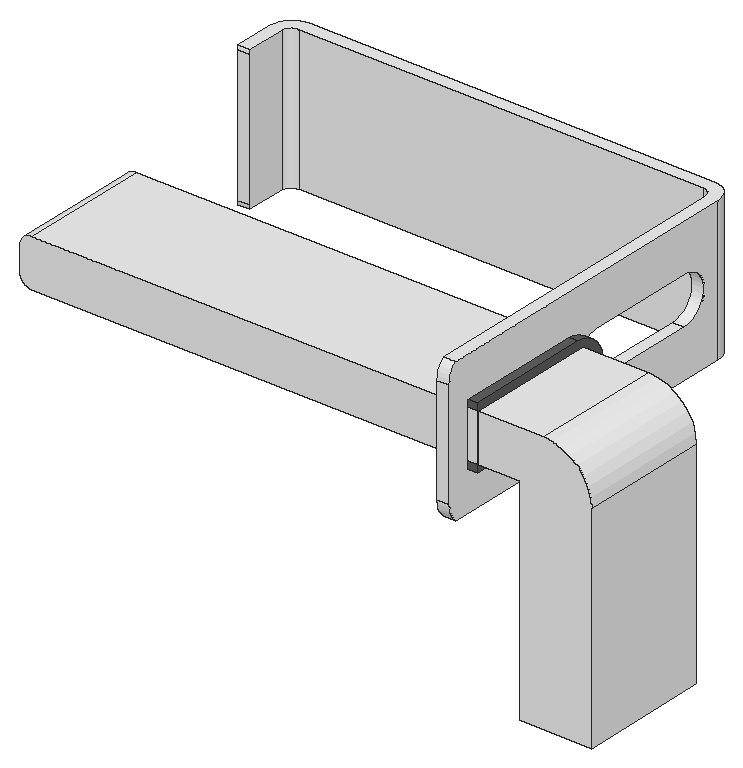
Revit family "Tissue_Holder-DXV-Rem_Hooded-D35100235_Series", category Specialty Equipment, host Face, Revit 2019
Family settings
  Host = Face
  Round Connector Dimension = Use Diameter
  Part Type = Normal
  OmniClass Number = 23.40.20.21.21
  OmniClass Title = Toilet Paper Dispensers
  Cut with Voids When Loaded = No
  Shared = Yes
  Room Calculation Point = No
Parameters (values of type "D35100235.100")
  Width = 6"  # constant formula
  Warranty Information = "Lifetime Limited Warranty"
  URL = "http://www.dxv.com/"
  Type Comments = ""
  Revised Date = "11/10/2021"  # constant formula
  Product Page URL = "http://www.dxv.com/product/rem-tissue-holder-by-dxv"
  Product Documentation Link = "https://dxv01.blob.core.windows.net/dxv-product-pdf-files/spec_D35100235_DXV_Rem_tissue_holder_EN.pdf"
  Price = "Prices may vary. Please consult Manufacturer Representative for most up-to-date price list."  # constant formula
  Model = "D35100235.100"
  Material = "Metal-DXV-100-Polished Chrome"
  Installation Instruction Link = "https://dxv01.blob.core.windows.net/dxv-product-pdf-files/M965487_DXV_Rem_accessories_D35100_WEB_EN.pdf"
  Finish = Metal-DXV-100-Polished Chrome
  Manufacturer = "DVX"
  Length = 3 1/4"  # constant formula
  Installation Type = "Wall Mounted"
  Height = 3 3/4"  # constant formula
  Description = "REM Toilet Paper Holder"
  Default Elevation = 18"
  Creation Date = "10/02/2014"  # constant formula
  Assembly Code = "C1030220"
Types (3): name | Model | Material | Finish
  (no name) | "D35100235.100" | "Metal-DXV-100-Polished Chrome" | Metal-DXV-100-Polished Chrome
  D35100235.144 | "D35100235.144" | "Metal-DXV-144-Brushed Nickel" | Metal-DXV-144-Brushed Nickel
  D35100235.100 | "D35100235.100" | "Metal-DXV-100-Polished Chrome" | Metal-DXV-100-Polished Chrome
Reference planes (in)
  plane 1 "Center (Front/Back)": y = 0
  plane 2: z = 0
  plane 3 "Center (Left/Right)": x = 0
  plane 4 "Finished Floor": y = -18
  plane 5: x = 0.75
  plane 6: x = -0.61586
  plane 7: z = 2.25
  plane 8: z = 2.5
  plane 9: z = 3.25
  plane 10: z = 1.75
  plane 11: y = 2.82422
  plane 12: y = -0.92578
  plane 13: y = -0.6875
  plane 14: y = 0.6875
  plane 15: x = -5.25
Forms (in)
  Extrusion 1, solid, material "Metal-DXV-100-Polished Chrome" <- "Finish"
    sketch origin (0, 0, -0.09198) x (1, 0, 0) y (0, 1, 0)
      loop
        line (-5.125, 2.16695) -> (-5.125, 2.58836)
        arc (-5.125, 2.58836) -> (-5.09596, 2.65846) -> (-5.02586, 2.6875) r 0.09914
        line (-5.02586, 2.6875) -> (-0.77751, 2.6875)
        arc (-0.77751, 2.6875) -> (-0.7074, 2.65846) -> (-0.67836, 2.58836) r 0.09914
        line (-0.67836, 2.58836) -> (-0.67836, -0.9268) -> (-0.55336, -0.9268) -> (-0.55336, 2.60007)
        arc (-0.55336, 2.60007) -> (-0.61901, 2.75857) -> (-0.77751, 2.82422) r 0.22414
        line (-0.77751, 2.82422) -> (-5.02586, 2.82422)
        arc (-5.02586, 2.82422) -> (-5.18435, 2.75857) -> (-5.25, 2.60007) r 0.22414
        line (-5.25, 2.60007) -> (-5.25, 2.16695) -> (-5.125, 2.16695)
    from 1.84198 to 3.34198
  Extrusion 2, void
    sketch origin (0, 0, 0) x (0, 0, -1) y (0, 1, 0)
      loop
        line (-2.75, 2.16695) -> (-2.75, 1.01571)
        arc (-2.75, 1.01571) -> (-2.5, 0.76571) -> (-2.25, 1.01571) r 0.25
        line (-2.25, 1.01571) -> (-2.25, 2.16695)
        arc (-2.25, 2.16695) -> (-2.5, 2.41695) -> (-2.75, 2.16695) r 0.25
    from -0.67836 to -0.55336
  Extrusion 3, solid, material "Metal-DXV-100-Polished Chrome" <- "Finish"
    sketch origin (0, 0, 0) x (0, 0, -1) y (0, 1, 0)
      loop
        line (-2.25, 0.6875) -> (-2.75, 0.6875) -> (-2.75, -0.6875) -> (-2.25, -0.6875) -> (-2.25, 0.6875)
    from -5.25 to 0.75
  Extrusion 4, solid, material "Rubber-DXV-Black"
    sketch origin (0.46875, 0, 0) x (0, 0, -1) y (0, 1, 0)
      loop
        arc (-2.17188, 0.63331) -> (-2.5, 0.96144) -> (-2.82813, 0.63331) r 0.32812
        line (-2.82813, 0.63331) -> (-2.82813, -0.6875) -> (-2.17188, -0.6875) -> (-2.17188, 0.63331)
    from -1.25295 to -0.91627
  Extrusion 5, solid, material "Metal-DXV-100-Polished Chrome" <- "Finish"
    sketch origin (0, 0, 0) x (1, 0, 0) y (0, 0, -1)
      loop
        line (0.75, -2.25) -> (0.75, 0) -> (0, 0) -> (0, -2.25) -> (0.75, -2.25)
    from -0.6875 to 0.6875
  Extrusion 6, void
    sketch origin (0, 0, 0) x (1, 0, 0) y (0, 0, -1)
      loop
        arc (0.75, -2.25) -> (0.60355, -2.60355) -> (0.25, -2.75) r 0.5
        line (0.25, -2.75) -> (0.75, -2.75) -> (0.75, -2.25)
    from -0.6875 to 0.76571
  Extrusion 7, void
    sketch origin (0, 0.25, 0) x (0, 0, -1) y (0, 1, 0)
      loop
        line (-1.6875, -1.1768) -> (-1.6875, -0.9268)
        arc (-1.6875, -0.9268) -> (-1.76072, -1.10358) -> (-1.9375, -1.1768) r 0.25
        line (-1.9375, -1.1768) -> (-1.6875, -1.1768)
      loop
        line (-3.3125, -1.1768) -> (-3.0625, -1.1768)
        arc (-3.0625, -1.1768) -> (-3.23928, -1.10358) -> (-3.3125, -0.9268) r 0.25
        line (-3.3125, -0.9268) -> (-3.3125, -1.1768)
    from -0.67836 to -0.55336
  Extrusion 8, void
    sketch origin (0, 0, 0) x (0, 0, -1) y (0, 1, 0)
      loop
        line (-1.6875, 2.16695) -> (-1.6875, 2.27179)
        arc (-1.6875, 2.27179) -> (-1.71821, 2.19766) -> (-1.79234, 2.16695) r 0.10484
        line (-1.79234, 2.16695) -> (-1.6875, 2.16695)
      loop
        line (-3.3125, 2.16695) -> (-3.20766, 2.16695)
        arc (-3.20766, 2.16695) -> (-3.28179, 2.19766) -> (-3.3125, 2.27179) r 0.10484
        line (-3.3125, 2.27179) -> (-3.3125, 2.16695)
    from -5.375 to -5.08271
  Extrusion 9, void
    sketch origin (0, 0, 0) x (1, 0, 0) y (0, 0, -1)
      loop
        line (-5.25, -2.25) -> (-5.25, -2.375)
        arc (-5.25, -2.375) -> (-5.21339, -2.28661) -> (-5.125, -2.25) r 0.125
        line (-5.125, -2.25) -> (-5.25, -2.25)
      loop
        line (-5.25, -2.75) -> (-5.125, -2.75)
        arc (-5.125, -2.75) -> (-5.21339, -2.71339) -> (-5.25, -2.625) r 0.125
        line (-5.25, -2.625) -> (-5.25, -2.75)
    from -0.6875 to 0.76571
Cuts and joins
  Extrusion 2, Extrusion 6, Extrusion 9 cuts Extrusion 3
  Extrusion 2 cuts Extrusion 5
  joined: Extrusion 3, Extrusion 5
  Extrusion 2 cuts Extrusion 4
  Extrusion 2, Extrusion 7, Extrusion 8 cuts Extrusion 1
Lines and regions (in)
  Masking region 1
    outline origin (0, 0, 0) x (1, 0, 0) y (0, 0, 1)
      loop
        line (0, 0) -> (0.75, 0) -> (0.75, 2.25)
        arc (0.75, 2.25) -> (0.60355, 2.60355) -> (0.25, 2.75) r 0.5
        line (0.25, 2.75) -> (-0.44752, 2.75) -> (-0.44752, 2.82812) -> (-0.55336, 2.82812) -> (-0.55336, 3.25) -> (-5.25, 3.25) -> (-5.25, 1.75) -> (-0.55336, 1.75) -> (-0.55336, 2.17187) -> (-0.44752, 2.17187) -> (-0.44752, 2.25) -> (0, 2.25) -> (0, 0)
  symbolic lines, style "SpecialityEquipment", detail levels medium+fine
    curve 1: line (-0.55336, 0, 2.17187) -> (-0.55336, 0, 2.82812)
    curve 2: line (-0.44752, 0, 2.25) -> (-0.44752, 0, 2.75)
  symbolic lines, style "SpecialityEquipment"
    curve 3: line (0, 0.6875, 0) -> (0, -0.68741, 0)
Dimensions and locks (in)
  "Default Elevation": plane 4 "Finished Floor" to plane 1 "Center (Front/Back)"
  locked: plane 13 to plane 14 at 1.375
  "Length": level to plane 9
  "Height": plane 11 to plane 12
  "Width": plane 15 to plane 5
  "Height": plane 12 to plane 11
  aligned and locked: plane 2 to host face
  aligned and locked: level to host face
  aligned and locked: plane 11 to Extrusion 1 sketch curve
  aligned and locked: Masking region 1 sketch curve to plane 15
Automatic sketch dimensions
  host sketch curve to host sketch curve = 96"  (x2)
  Extrusion 5 sketch curve to plane 3 "Center (Left/Right)" = 0"
  Extrusion 5 sketch curve to plane 5 = 0"
  Extrusion 5 sketch curve to plane 7 = 0"
  Extrusion 1 sketch curve to Extrusion 1 sketch curve = 3/256"  (x2)
  Extrusion 1 sketch curve to Extrusion 1 sketch curve = 0"  (x2)
  Extrusion 1 sketch curve to Extrusion 1 sketch curve = 1/8"
  Extrusion 1 sketch curve to Extrusion 1 sketch curve = 0.09914"
  plane 6 to Extrusion 1 sketch curve = 0.16164"
  plane 6 to Extrusion 1 sketch curve = 1/16"
  Extrusion 1 sketch curve to Extrusion 1 sketch curve = 0.42141"
  plane 8 to Extrusion 2 sketch curve = 0"
  plane 7 to Extrusion 2 sketch curve = 0"
  Extrusion 2 sketch curve to plane 1 "Center (Front/Back)" = 1.01571"
  Extrusion 2 sketch curve to Extrusion 2 sketch curve = 1.15123"
  Extrusion 2 sketch curve to Extrusion 2 sketch curve = 0"  (x2)
  plane 7 to Extrusion 3 sketch curve = 0"
  Extrusion 3 sketch curve to plane 8 = 1/4"
  plane 1 "Center (Front/Back)" to Extrusion 3 sketch curve = 11/16"
  Extrusion 3 sketch curve to plane 1 "Center (Front/Back)" = 11/16"
  plane 8 to Extrusion 4 sketch curve = 0"
  Extrusion 4 sketch curve to plane 8 = 21/64"
  plane 1 "Center (Front/Back)" to Extrusion 4 sketch curve = 11/16"
  Extrusion 4 sketch curve to plane 1 "Center (Front/Back)" = 0.63331"
  Extrusion 6 sketch curve to plane 7 = 0"
  Extrusion 6 sketch curve to plane 5 = 0"
  plane 3 "Center (Left/Right)" to Extrusion 6 sketch curve = 1/4"
  Extrusion 7 sketch curve to plane 9 = 1/16"
  plane 9 to Extrusion 7 sketch curve = 3/16"
  Extrusion 7 sketch curve to plane 10 = 3/16"
  plane 10 to Extrusion 7 sketch curve = 1/16"
  plane 1 "Center (Front/Back)" to Extrusion 7 sketch curve = 0.9268"
  Extrusion 7 sketch curve to Extrusion 7 sketch curve = 0"
  Extrusion 8 sketch curve to plane 9 = 1/16"
  plane 9 to Extrusion 8 sketch curve = 0.04234"
  Extrusion 8 sketch curve to plane 10 = 0.04234"
  plane 10 to Extrusion 8 sketch curve = 1/16"
  Extrusion 8 sketch curve to plane 1 "Center (Front/Back)" = 2.16695"
  Extrusion 8 sketch curve to Extrusion 8 sketch curve = 0"
  Extrusion 9 sketch curve to plane 7 = 0"
  Extrusion 9 sketch curve to Extrusion 9 sketch curve = 1/8"  (x2)
  Extrusion 9 sketch curve to plane 8 = 1/8"
  plane 1 "Center (Front/Back)" to Extrusion 1 sketch curve = 0.9268"
  Extrusion 5 sketch curve to level = 0"
  curve 2 to plane 7 = 0"
  plane 7 to curve 1 = 5/64"
  Masking region 1 sketch curve to plane 10 = 0"
  Masking region 1 sketch curve to plane 9 = 0"
  Masking region 1 sketch curve to plane 7 = 0"  (x2)
  Masking region 1 sketch curve to level = 0"
  Masking region 1 sketch curve to plane 3 "Center (Left/Right)" = 0"
  Masking region 1 sketch curve to plane 5 = 0"
  Masking region 1 sketch curve to plane 6 = 1/16"  (x2)
  Masking region 1 sketch curve to Masking region 1 sketch curve = 0.10584"  (x2)
  plane 3 "Center (Left/Right)" to Masking region 1 sketch curve = 1/4"
  plane 7 to Masking region 1 sketch curve = 5/64"
  Masking region 1 sketch curve to Masking region 1 sketch curve = 5/64"
  curve 1 to plane 6 = 1/16"
  curve 1 to curve 2 = 0.10584"
  curve 2 to plane 8 = 1/4"
  curve 2 to curve 1 = 5/64"
  curve 3 to level = 0"
  curve 3 to plane 14 = 0"
  curve 3 to plane 13 = 0.00009"
  Extrusion 1 sketch curve to Extrusion 1 sketch curve = 4.24835"
  plane 6 to Extrusion 9 sketch curve = 4.63414"
  Extrusion 9 sketch curve to Extrusion 9 sketch curve = 0"
